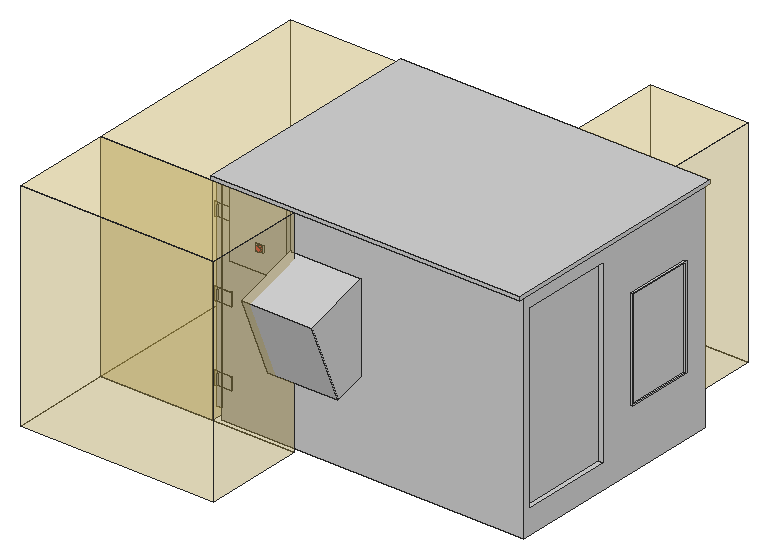
Revit family "Ventilator-RenewAire-Energy-Recovery-HE6XRTF", category Mechanical Equipment, Revit 2015
Parameters (values of type "5.0 HP 208-230V Three Phase")
  Voltage = "208-230"
  Ventilation Type = "Static Plate, Heat and Humidity Transfer"
  Unit Width = "113-1/2\""
  Unit Weight = "2,232-2,769 lbs."
  Unit Length = "106-1/2\""
  Unit Height = "81-3/4\""
  Unit = Metal - RenewAire - Anodized - Gray Text
  URL = "www.renewaire.com"
  Typical Airflow Range = "1,500 - 6,500 CFM"
  Standard Features = "TEFC Premium efficiency motors, Motor starters, Non-fused disconnect, 24 VAC transformer/relay package"
  Shipping Weight = "3,109 lbs."
  Service Area Visibility = yes
  Service Area Box = Interference - RenewAire - Smooth - Light - Gold
  Revit Object Download Link = ""
  Phase = "Three"
  Options = "Integrated programmable controls, Fused disconnect, Double wall construction, Factory supplied and mounted variable frequency drives (VFDs) - one or both airstreams, Class 1 low-leakage motorized isolation dampers - OA, EA or both airstreams, Qty. 2 Factory mounted filter alarms, Exterior paint - white, custom colors"
  Number Motors = "Qty. 2, Belt drive blower/standard motor packages with adjustable sheaves"
  Model = "HE6XRTF"
  Minimum Circuit Amps = "32.6 A"
  Maximum Overcurrent Protection = "45 A"
  Max. Shipping Width = "90\""
  Max. Shipping Length = "116\""
  Max. Shipping Height = "90\""
  Manufacturer = "RenewAire LLC"
  Frequency = "60 HZ"
  FLA per Motor = "14.5-13.4"
  Description = "Energy Recovery Ventilator"
  Connector Base Material = Glass - With - Transparency
  Accessories = "Filters - MERV 13, 2\" (shipped loose), Roof Curb - standard 14\", Curb wind clip,\r\nEngineered combo curb for Carrier RTU, Engineered combo curb for Trane RTU, Digital time clock - wall mount(TC7D-W), in exterior enclosure (TC7D-E), Motion occupancy control - ceiling mount(MC-C), wall mount(MC-W), Carbon dioxide control - wall mount (CO2-W),  duct mount(CO2-D), Electric duct heater – EK series (1-60 KW), EH series (61-175 KW); designed for indoor ductwork installation only, Indirect gas-fired duct furnace - GH series (50-400 MBH), installed downstream of any fans"
  AHRI 1060 Certified Core = "Six L125-G5"
Types (7): name | Voltage | Minimum Circuit Amps | Maximum Overcurrent Protection | FLA per Motor
  (no name) | "208-230" | "32.6 A" | "45 A" | "14.5-13.4"
  5.0 HP 208-230V Three Phase | "208-230" | "32.6 A" | "45 A" | "14.5-13.4"
  5.0 HP 460V Three Phase | "460" | "15.1 A" | "20 A" | "6.7"
  5.0 HP 575V Three Phase | "575" | "11.9 A" | "15 A" | "5.3"
  7.5 HP 208-230V Three Phase | "208-230" | "47.3 A" | "60 A" | "21.0-19.0"
  7.5 HP 460V Three Phase | "460" | "21.4 A" | "25 A" | "9.5"
  7.5 HP 575V Three Phase | "575" | "17.1 A" | "20 A" | "7.6"
Reference planes (in)
  plane 1 "Center (Front/Back)": y = 0
  plane 2: z = 0
  plane 3 "Center (Left/Right)": x = 0
  plane 4: y = 41.875
  plane 5: y = -41.875
  plane 6: x = 56.3125
  plane 7: x = -57.1875
Forms (in)
  Extrusion 1, solid, material "Metal - RenewAire - Anodized - Gray Text" <- "Unit"
    sketch origin (0, 0, 0) x (1, 0, 0) y (0, 1, 0)
      loop
        line (-54, 40.5) -> (-54, -40.5) -> (54, -40.5) -> (54, 40.5) -> (-54, 40.5)
    from 0 to 77
  Extrusion 2, solid, material "Metal - RenewAire - Anodized - Gray Text"
    sketch origin (0, 0, 0) x (1, 0, 0) y (0, 1, 0)
      loop
        line (-56.3125, 42.5) -> (-56.3125, -42.5) -> (54, -42.5) -> (54, 42.5) -> (-56.3125, 42.5)
    from 77 to 78.25
  Extrusion 3, solid, material "Metal - RenewAire - Anodized - Gray Text"
    sketch origin (0, 0, 0) x (1, 0, 0) y (0, 1, 0)
      loop
        line (-54, -40.5) -> (-54, -1.25) -> (-55.5625, -1.25) -> (-55.5625, -40.5) -> (-54, -40.5)
    from 4 to 76
  Extrusion 4, solid, material "Metal - RenewAire - Anodized - Gray Text"
    sketch origin (0, 41.75, 0) x (1, 0, 0) y (0, 1, 0)
      loop
        line (-54, -40.5) -> (-54, -1.25) -> (-55.5625, -1.25) -> (-55.5625, -40.5) -> (-54, -40.5)
    from 4 to 76
  Extrusion 5, solid, material "Metal - RenewAire - Anodized - Gray Text"
    sketch origin (0, 0, 0) x (1, 0, 0) y (0, 0, 1)
      loop
        line (-55.5625, 15.181) -> (-55.5625, 10.75) -> (-50.25, 10.75) -> (-50.25, 15.181) -> (-55.5625, 15.181)
      loop
        line (-55.5625, 42.222) -> (-55.5625, 37.778) -> (-50.25, 37.778) -> (-50.25, 42.222) -> (-55.5625, 42.222)
      loop
        line (-55.5625, 69.25) -> (-55.5625, 64.819) -> (-50.25, 64.819) -> (-50.25, 69.25) -> (-55.5625, 69.25)
    from 40.5 to 40.625
  Extrusion 6, solid, material "Metal - RenewAire - Anodized - Gray Text"
    sketch origin (0, 0, 0) x (1, 0, 0) y (0, 0, 1)
      loop
        line (-55.5625, 15.181) -> (-55.5625, 10.75) -> (-50.25, 10.75) -> (-50.25, 15.181) -> (-55.5625, 15.181)
      loop
        line (-55.5625, 42.222) -> (-55.5625, 37.778) -> (-50.25, 37.778) -> (-50.25, 42.222) -> (-55.5625, 42.222)
      loop
        line (-55.5625, 69.25) -> (-55.5625, 64.819) -> (-50.25, 64.819) -> (-50.25, 69.25) -> (-55.5625, 69.25)
    from -40.625 to -40.5
  Extrusion 7, solid, material "Metal - RenewAire - Anodized - Gray Text"
    sketch origin (0, 0, 0) x (1, 0, 0) y (0, 1, 0)
      loop
        circle (-55.9375, -40.5) r 0.375
    from 10.75 to 15.181
  Extrusion 8, solid, material "Metal - RenewAire - Anodized - Gray Text"
    sketch origin (0, 0, 0) x (1, 0, 0) y (0, 1, 0)
      loop
        circle (-55.9375, -40.5) r 0.375
    from 37.778 to 42.222
  Extrusion 9, solid, material "Metal - RenewAire - Anodized - Gray Text"
    sketch origin (0, 0, 0) x (1, 0, 0) y (0, 1, 0)
      loop
        circle (-55.9375, -40.5) r 0.375
    from 64.819 to 69.25
  Extrusion 10, solid, material "Metal - RenewAire - Anodized - Gray Text"
    sketch origin (0, 81, 0) x (1, 0, 0) y (0, 1, 0)
      loop
        circle (-55.9375, -40.5) r 0.375
    from 10.75 to 15.181
  Extrusion 11, solid, material "Metal - RenewAire - Anodized - Gray Text"
    sketch origin (0, 81, 0) x (1, 0, 0) y (0, 1, 0)
      loop
        circle (-55.9375, -40.5) r 0.375
    from 37.778 to 42.222
  Extrusion 12, solid, material "Metal - RenewAire - Anodized - Gray Text"
    sketch origin (0, 81, 0) x (1, 0, 0) y (0, 1, 0)
      loop
        circle (-55.9375, -40.5) r 0.375
    from 64.819 to 69.25
  Extrusion 13, solid, material "Metal - RenewAire - Anodized - Gray Text"
    sketch origin (0, 0, 0) x (1, 0, 0) y (0, 0, 1)
      loop
        line (-50.25, 77) -> (-50.25, 53) -> (-29.75, 53) -> (-29.75, 77) -> (-50.25, 77)
    from 40.5 to 41.75
  Extrusion 14, solid, material "Metal - RenewAire - Anodized - Gray Text"
    sketch origin (0, 0, 0) x (1, 0, 0) y (0, 0, 1)
      loop
        line (-40.6, 62.1) -> (-40.6, 59.6) -> (-38.1, 59.6) -> (-38.1, 62.1) -> (-40.6, 62.1)
    from 41.75 to 41.875
  Extrusion 15, solid, material "Plastic Red"
    sketch origin (0, 0, 0) x (1, 0, 0) y (0, 0, 1)
      loop
        circle (-39.35, 60.85) r 1
    from 41.75 to 42.5
  Extrusion 16, solid, material "Metal - RenewAire - Anodized - Gray Text"
    sketch origin (0, 0, 0) x (0, 1, 0) y (0, 0, 1)
      loop
        circle (-3.25, 67.0345) r 0.25
    from -56.3125 to -55.5625
  Extrusion 17, solid, material "Metal - RenewAire - Anodized - Gray Text"
    sketch origin (0, 0, 0) x (1, 0, 0) y (0, 0, 1)
      loop
        line (-56.3125, 67.2845) -> (-57.1875, 67.2845) -> (-57.1875, 66.7845) -> (-56.3125, 66.7845) -> (-56.3125, 67.2845)
    from 2.95437 to 6.64353
  Extrusion 18, solid, material "Metal - RenewAire - Anodized - Gray Text"
    sketch origin (0, 0, -54.0845) x (0, 1, 0) y (0, 0, 1)
      loop
        circle (-3.25, 67.0345) r 0.25
    from -56.3125 to -55.5625
  Extrusion 19, solid, material "Metal - RenewAire - Anodized - Gray Text"
    sketch origin (0, 0, -54.0845) x (1, 0, 0) y (0, 0, 1)
      loop
        line (-56.3125, 67.2845) -> (-57.1875, 67.2845) -> (-57.1875, 66.7845) -> (-56.3125, 66.7845) -> (-56.3125, 67.2845)
    from 2.95437 to 6.64353
  Extrusion 20, solid, material "Metal - RenewAire - Anodized - Gray Text"
    sketch origin (0, -0.02735, 79.9845) x (0, -1, 0) y (0, 0, -1)
      loop
        circle (-3.25, 67.0345) r 0.25
    from -56.3125 to -55.5625
  Extrusion 21, solid, material "Metal - RenewAire - Anodized - Gray Text"
    sketch origin (0, -0.02735, 79.9845) x (1, 0, 0) y (0, 0, -1)
      loop
        line (-56.3125, 67.2845) -> (-57.1875, 67.2845) -> (-57.1875, 66.7845) -> (-56.3125, 66.7845) -> (-56.3125, 67.2845)
    from 2.95437 to 7.02735
  Extrusion 22, solid, material "Metal - RenewAire - Anodized - Gray Text"
    sketch origin (0, -0.02735, 134.069) x (0, -1, 0) y (0, 0, -1)
      loop
        circle (-3.25, 67.0345) r 0.25
    from -56.3125 to -55.5625
  Extrusion 23, solid, material "Metal - RenewAire - Anodized - Gray Text"
    sketch origin (0, -0.02735, 134.069) x (1, 0, 0) y (0, 0, -1)
      loop
        line (-56.3125, 67.2845) -> (-57.1875, 67.2845) -> (-57.1875, 66.7845) -> (-56.3125, 66.7845) -> (-56.3125, 67.2845)
    from 2.95437 to 7.02735
  Extrusion 24, solid, material "Metal - RenewAire - Anodized - Gray Text"
    sketch origin (0, 0, 0) x (1, 0, 0) y (0, 1, 0)
      loop
        line (40.5, 40.5) -> (40.5, 41.875) -> (5.75, 41.875) -> (5.75, 40.5) -> (40.5, 40.5)
    from 4 to 76
  Extrusion 25, solid, material "Metal - RenewAire - Anodized - Gray Text"
    sketch origin (46.25, -13.6875, 0) x (0, -1, 0) y (0, 0, 1)
      loop
        line (-55.5625, 15.181) -> (-55.5625, 10.75) -> (-54.1875, 10.75) -> (-54.1875, 15.181) -> (-55.5625, 15.181)
      loop
        line (-55.5625, 42.222) -> (-55.5625, 37.778) -> (-54.1875, 37.778) -> (-54.1875, 42.222) -> (-55.5625, 42.222)
      loop
        line (-55.5625, 69.25) -> (-55.5625, 64.819) -> (-54.1875, 64.819) -> (-54.1875, 69.25) -> (-55.5625, 69.25)
    from 40.5 to 40.625
  Extrusion 26, solid, material "Metal - RenewAire - Anodized - Gray Text"
    sketch origin (46.25, -13.6875, 0) x (0, -1, 0) y (1, 0, 0)
      loop
        circle (-55.9375, -40.5) r 0.375
    from 10.75 to 15.181
  Extrusion 27, solid, material "Metal - RenewAire - Anodized - Gray Text"
    sketch origin (46.25, -13.6875, 0) x (0, -1, 0) y (1, 0, 0)
      loop
        circle (-55.9375, -40.5) r 0.375
    from 37.778 to 42.222
  Extrusion 28, solid, material "Metal - RenewAire - Anodized - Gray Text"
    sketch origin (46.25, -13.6875, 0) x (0, -1, 0) y (1, 0, 0)
      loop
        circle (-55.9375, -40.5) r 0.375
    from 64.819 to 69.25
  Extrusion 29, solid, material "Metal - RenewAire - Anodized - Gray Text"
    sketch origin (0, 0, 0.09434) x (1, 0, 0) y (0, 0, 1)
      loop
        circle (38.5, 67.0345) r 0.5
      loop
        circle (38.5, 12.9655) r 0.5
    from -42.63934 to -41.875
  Extrusion 30, solid, material "Metal - RenewAire - Anodized - Gray Text"
    sketch origin (0, 0, 0) x (1, 0, 0) y (0, 1, 0)
      loop
        line (39, 42.63934) -> (39, 43.13934) -> (35, 43.13934) -> (35, 42.63934) -> (39, 42.63934)
    from 12.54402 to 13.57826
  Extrusion 31, solid, material "Metal - RenewAire - Anodized - Gray Text"
    sketch origin (0, 0, 0) x (1, 0, 0) y (0, 1, 0)
      loop
        line (39, 42.63934) -> (39, 43.13934) -> (35, 43.13934) -> (35, 42.63934) -> (39, 42.63934)
    from 66.62861 to 67.65618
  Extrusion 32, solid, material "Metal - RenewAire - Anodized - Gray Text"
    sketch origin (0, 0, 0) x (1, 0, 0) y (0, 1, 0)
      loop
        line (39, 42.42236) -> (36.93236, 42.42236) -> (35.90842, 43.13934) -> (35.90842, 42.63934) -> (37, 41.875) -> (39, 41.875) -> (39, 42.42236)
    from 39.5 to 40.5
  Extrusion 33, solid, material "Metal - RenewAire - Anodized - Gray Text"
    sketch origin (0, 0, 0) x (1, 0, 0) y (0, 1, 0)
      loop
        circle (35.90842, 42.88934) r 0.25
    from 37.778 to 42.222
  Extrusion 34, solid, material "Interference - RenewAire - Smooth - Light - Gold" <- "Service Area Box", visible <- "Service Area Visibility"
    sketch origin (0, 0, 0) x (1, 0, 0) y (0, 1, 0)
      loop
        line (5.75, 41.875) -> (40.5, 41.875) -> (40.5, 76.625) -> (5.75, 76.625) -> (5.75, 41.875)
    from 0 to 77
  Extrusion 35, solid, material "Interference - RenewAire - Smooth - Light - Gold", visible <- "Service Area Visibility"
    sketch origin (0, 0, 0) x (1, 0, 0) y (0, 1, 0)
      loop
        line (-55.5625, 42.5) -> (-95.5625, 42.5) -> (-95.5625, -42.5) -> (-55.5625, -42.5) -> (-55.5625, 42.5)
    from 0 to 77
  Extrusion 36, solid, material "Interference - RenewAire - Smooth - Light - Gold", visible <- "Service Area Visibility"
    sketch origin (0, -2, 0) x (1, 0, 0) y (0, 1, 0)
      loop
        line (-26.3125, -40.5) -> (-95.5625, -40.5) -> (-95.5625, -76.5) -> (-26.3125, -76.5) -> (-26.3125, -40.5)
    from 0 to 77
  Extrusion 37, void
    sketch origin (0, 0, 0) x (0, 1, 0) y (0, 0, 1)
      loop
        line (-38.125, 72.81) -> (-38.125, 8.56) -> (-4.875, 8.56) -> (-4.875, 72.81) -> (-38.125, 72.81)
    from 52 to 56.3125
  Extrusion 38, solid, material "Metal - RenewAire - Anodized - Gray Text"
    sketch origin (0, 0, 0) x (0, 1, 0) y (0, 0, 1)
      loop
        line (-40.5, 31.25) -> (-40.5, 62.75) -> (-62.625, 56.5) -> (-51, 28.5) -> (-40.5, 31.25)
    from -29.25 to -4.25
  Extrusion 39, void
    sketch origin (0, 0, 0) x (1, 0, 0) y (0, 1, 0)
      loop
        line (-53.5, 40) -> (-53.5, -40) -> (53.5, -40) -> (53.5, 40) -> (-53.5, 40)
    from -3.26422 to 4.625
  Extrusion 40, void
    sketch origin (0, 0, 0) x (1, 0, 0) y (0, 1, 0)
      loop
        line (-25.5, 23.375) -> (-25.5, 1.375) -> (-9.5, 1.375) -> (-9.5, 23.375) -> (-25.5, 23.375)
    from 0 to 4.75
  Extrusion 41, solid, material "Metal - RenewAire - Anodized - Gray Text" <- "Unit"
    sketch origin (0, 0, 0) x (0, 1, 0) y (0, 0, 1)
      loop
        line (6.875, 58) -> (6.875, 22) -> (30.875, 22) -> (30.875, 58) -> (6.875, 58)
      loop
        line (7.125, 57.75) -> (7.125, 22.25) -> (30.625, 22.25) -> (30.625, 57.75) -> (7.125, 57.75)
    from 54 to 55
Cuts and joins
  Extrusion 37, Extrusion 39, Extrusion 40 cuts Extrusion 1
Dimensions and locks (in)
  aligned and locked: level to plane 2
Nested families (in)
  nested 1: "Monitoring Port" at (17.75, 42.125, 60.778), type "Monitoring Port"
  nested 2: "Monitoring Port" at (28.5, 42.125, 60.778), type "Monitoring Port"
  nested 3: "Monitoring Port" at (17.75, 42.125, 48.778), type "Monitoring Port"
  nested 4: "Monitoring Port" at (28.5, 42.125, 48.778), type "Monitoring Port"
Connectors (in)
  hvac at (55, 18.875, 40)
    settings: on Extrusion 41, index 1, duct flow 0 CFM, flow factor 0, pres drop 0.00 in-wg, loss coef 0, conn angle 0.00°, conn width 24", conn height 36", conn diameter 24", duct sys type 2, conn prof type 1, flow config 0, flow direction 1, loss method 0, conn ref index -1, conn util no, is conn primary yes, conn desc "RA (Return Air)"
  hvac at (-17.5, 12.375, 4.75)
    settings: on cut or joined group of Extrusion 1, Extrusion 37, Extrusion 39, Extrusion 40, index 3, duct flow 0 CFM, flow factor 0, pres drop 0.00 in-wg, loss coef 0, conn angle 0.00°, conn width 22", conn height 16", conn diameter 24", duct sys type 1, conn prof type 1, flow config 0, flow direction 2, loss method 0, conn ref index -1, conn util no, is conn primary no, conn desc "FA (Fresh Air)"
Definition of nested family "Monitoring Port"
  Parameters (values of type "Monitoring Port")
    URL = "www.renewaire.com"
    Revit Object Download Link = ""
    Model = ""
    Manufacturer = "RenewAire LLC"
    Description = "Monitoring Ports"
  Reference planes (in)
    plane 1 "Center (Front/Back)": y = 0
    plane 2: z = 0
    plane 3 "Center (Left/Right)": x = 0
  Forms (in)
    Extrusion 1, solid
      sketch origin (-9.43348, 0, 37.76669) x (-1, 0, 0) y (0, 0, -1)
        loop
          line (-9.53348, 35.65895) -> (-9.94097, 35.42369) -> (-9.94097, 34.83769) -> (-9.43348, 34.54469) -> (-8.92599, 34.83769) -> (-8.92599, 35.42369) -> (-9.33348, 35.65895) -> (-9.33348, 37.28756)
          arc (-9.33348, 37.28756) -> (-9.43348, 37.76669) -> (-9.53348, 37.28756) r 0.25
          line (-9.53348, 37.28756) -> (-9.53348, 35.65895)
      from 0 to 0.25
  Dimensions and locks (in)
    aligned and locked: level to plane 2
